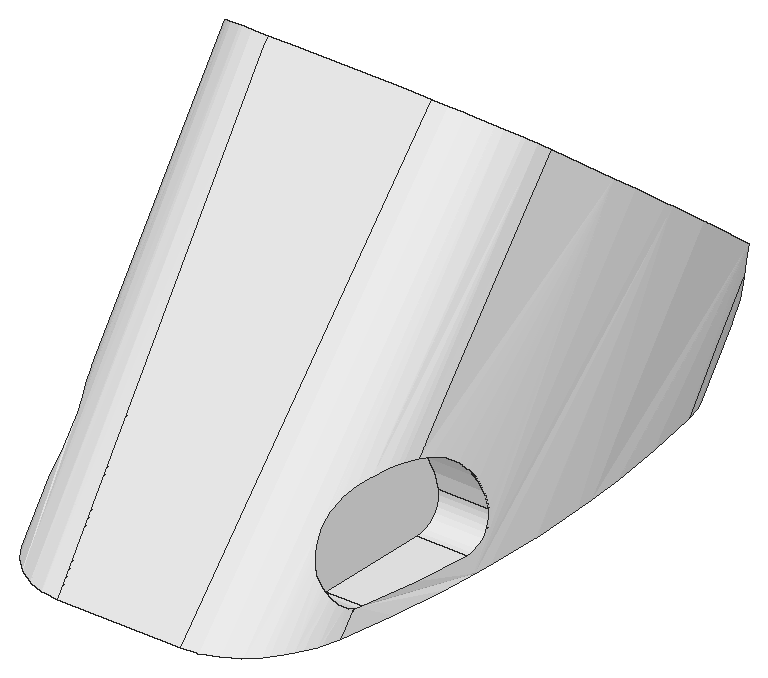
Revit family "Plumbing-Urinal-Sloan-Valve-SU-7409_", category Plumbing Fixtures, host Face, Revit 2020
Family settings
  Host = Face
  Round Connector Dimension = Use Diameter
  Part Type = Normal
  OmniClass Number = 23.45.05.21.11.21
  OmniClass Title = Urinals
  Cut with Voids When Loaded = No
  Shared = No
  Room Calculation Point = No
Parameters (values of type "SU-7409")
  Width = 12 5/8"  # constant formula
  Water Inlet Connection Diameter = 3/4"  # constant formula
  Water Inlet Connection Description = "Water Inlet Connection"  # constant formula
  Waste Connection = yes
  WFU = 5
  Vent Connection = yes
  Valve Pressure Drop = 0.00 psi
  URL = "www.sloanvalve.com"
  Sanitary Drain Connector Description = "Sanitary Drain Connection"  # constant formula
  Sanitary Drain Connection Diameter = 2"  # constant formula
  Product data url = "https://bimobject.com/sloan_valve/product/urinals_SU-7409"
  Product Material = Sloan Valve - Vitreous China - White
  Part Number = "1107409"
  Model = "SU-7409"
  Maximum Static Pressure = "80 PSI (552 kPa)\r"  # constant formula
  Manufacturer = "Sloan Valve"  # constant formula
  Keynote = "15410"
  Installation Height [instance] = if(ADA Compliant, 12 1/2", 19 1/2")  # 12 1/2"
  Height = 23 1/8"  # constant formula
  HWFU = 0
  HW Connection = yes
  Flush Rate = "0.125 – 1.0 gpf (0.5 – 3.8 Lpf) - Flush volume determined by the flushometer used with the fixture"  # constant formula
  Flow Rate = "8.5 gpm (32.2 Lpm)"  # constant formula
  Edition number = 1
  Description = "Vitreous China Washdown Urinal."
  Depth = 14 3/4"  # constant formula
  Default Elevation = 0"
  CWFU = 5
  CW Connection = yes
  Assembly Code = "D2010"
  ADA Compliant [instance] = yes
Types (3): name | Part Number | Model | Description
  (no name) | "1107409" | "SU-7409" | "Vitreous China Washdown Urinal."
  SU-7409 | "1107409" | "SU-7409" | "Vitreous China Washdown Urinal."
  SU-7409-STG | "1177409" | "SU-7409-STG" | "Vitreous China Washdown Urinal with SloanTec® Glaze."
Reference planes (in)
  plane 1 "Center (Front/Back)": y = 0
  plane 2: z = 0
  plane 3 "Center (Left/Right)": x = 0
  plane 4: y = 12.5
Dimensions and locks (in)
  "Installation Height": plane 4 to plane 1 "Center (Front/Back)"
  aligned and locked: plane 2 to host face
  aligned and locked: level to host face
  aligned and locked: nested 1 to plane 4
  aligned and locked: plane 3 "Center (Left/Right)" to nested 1
Automatic sketch dimensions
  host sketch curve to host sketch curve = 96"  (x2)
Nested families (in)
  nested 1: "Geometry" at (0, 17, 0), Product Material <- "Product Material", type "Default"
    with Product Material Sloan Valve - Vitreous China - White
Connectors (in)
  piping at (0, 12.5, 0), diameter 2, driven by "Sanitary Drain Connection Diameter", driven by "WFU", driven by "Sanitary Drain Connector Description"
    settings: on nested 1, index 1, connector inside diameter 24", connector length 0", flow factor 0, pipe flow 0 GPM, pressure drop 0.00 psi, fitting loss kfactor 0, connector angle 0.00°, fixture units 5, engagement length 0", angle of deflection 0.00°, flow configuration 3, flow direction 2, fitting loss method 0, system type 16, joint type 0, gender type 0, connector reference index -1, connector utility 0, adjustable connector no, is connector primary yes, connector description "Sanitary Drain Connection"
  piping at (0, 29.625, 2.39207), diameter 0.75, driven by "Water Inlet Connection Diameter", driven by "CWFU", driven by "Water Inlet Connection Description"
    settings: on nested 1, index 2, connector inside diameter 24", connector length 0", flow factor 0, pipe flow 0 GPM, pressure drop 0.00 psi, fitting loss kfactor 0, connector angle 0.00°, fixture units 5, engagement length 0", angle of deflection 0.00°, flow configuration 3, flow direction 1, fitting loss method 0, system type 20, joint type 0, gender type 0, connector reference index -1, connector utility 0, adjustable connector no, is connector primary no, connector description "Water Inlet Connection"
Definition of nested family "Geometry"
  Parameters (values of type "Default")
    Waste Connection = yes
    WFU = 5
    Vent Connection = no
    URL = "www.sloan.com"
    Type Comments = ""
    Product Material [instance] = none
    Model = ""
    Manufacturer = ""
    HWFU = 0
    HW Connection = no
    Description = ""
    Default Elevation = 24"
    CWFU = 5
    CW Connection = no
    Assembly Code = ""
  Reference planes (in)
    plane 1 "Center (Front/Back)": y = 0
    plane 2: z = 0
    plane 3 "Center (Left/Right)": x = 0
    plane 4: z = 14.1875
    plane 5: y = -24
    plane 6: y = -11
    plane 7: y = 12.125
    plane 8: x = -6.4322
    plane 9: x = 6.4322
    plane 10: y = -4.5
  Forms (in)
    Extrusion 1, solid
      sketch origin (0, 0, 0) x (1, 0, 0) y (0, 1, 0)
        loop
          line (-48, 48) -> (-48, -48) -> (48, -48) -> (48, 48) -> (-48, 48)
      from 0 to -12
    Blend 2, solid, material <- "Product Material"
      base sketch origin (0, -9.79691, 1.55504) x (1, 0, 0) y (0, 0.79021, -0.612836)
        loop
          arc (3.13194, 0) -> (5.09327, 0.72994) -> (6.10017, 2.56455) r 3
          arc (6.10017, 2.56455) -> (6.39728, 9.36938) -> (5.30925, 16.09323) r 33.43676
          arc (5.30925, 16.09323) -> (4.14817, 17.82905) -> (2.17054, 18.5) r 3.25
          line (2.17054, 18.5) -> (-2.17054, 18.5)
          arc (-2.17054, 18.5) -> (-4.14817, 17.82905) -> (-5.30925, 16.09323) r 3.25
          arc (-5.30925, 16.09323) -> (-6.39728, 9.36938) -> (-6.10017, 2.56455) r 33.43676
          arc (-6.10017, 2.56455) -> (-5.09327, 0.72994) -> (-3.13194, 0) r 3
          line (-3.13194, 0) -> (3.13194, 0)
      top sketch origin (0, -9.79691, 1.55504) x (1, 0, 0) y (0, 0.79021, -0.612836)
        loop
          arc (-2.91778, 18.5) -> (-4.82534, 17.81543) -> (-5.86233, 16.07415) r 3
          arc (-5.86233, 16.07415) -> (-6.4424, 9.36962) -> (-5.59521, 2.69359) r 31.7236
          arc (-5.59521, 2.69359) -> (-4.3605, 0.75478) -> (-2.18937, 0) r 3.5
          line (-2.18937, 0) -> (2.18937, 0)
          arc (2.18937, 0) -> (4.3605, 0.75478) -> (5.59521, 2.69359) r 3.5
          arc (5.59521, 2.69359) -> (6.4424, 9.36962) -> (5.86233, 16.07415) r 31.7236
          arc (5.86233, 16.07415) -> (4.82534, 17.81543) -> (2.91778, 18.5) r 3
          line (2.91778, 18.5) -> (-2.91778, 18.5)
      from 15.9862 to -5.82227
    Extrusion 3, void
      sketch origin (0, 0, 0) x (0, -1, 0) y (0, 0, 1)
        loop
          line (14.25, 0) -> (-16.5, 0) -> (-16.5, -15.74117) -> (14.25, -15.74117) -> (14.25, 0)
      from 10.72725 to -7.54923
    Extrusion 4, void
      sketch origin (0, 0, 0) x (1, 0, 0) y (0, 1, 0)
        loop
          line (-6.4322, 12.125) -> (6.4322, 12.125) -> (6.4322, 15.57047) -> (-6.4322, 15.57047) -> (-6.4322, 12.125)
      from 17.67921 to -0.03125
    Extrusion 5, void
      sketch origin (0, 0, 0) x (1, 0, 0) y (0, 1, 0)
        loop
          arc (2.11494, 0) -> (3.60627, 0.49352) -> (4.50879, 1.77924) r 2.5
          arc (4.50879, 1.77924) -> (5.10338, 4.97775) -> (4.99437, 8.22924) r 15
          arc (4.99437, 8.22924) -> (4.15734, 9.76386) -> (2.51959, 10.375) r 2.5
          line (2.51959, 10.375) -> (-2.51959, 10.375)
          arc (-2.51959, 10.375) -> (-4.15734, 9.76386) -> (-4.99437, 8.22924) r 2.5
          arc (-4.99437, 8.22924) -> (-5.10338, 4.97775) -> (-4.50879, 1.77924) r 15
          arc (-4.50879, 1.77924) -> (-3.60627, 0.49352) -> (-2.11494, 0) r 2.5
          line (-2.11494, 0) -> (2.11494, 0)
      from 17.67921 to 3.16618
    Extrusion 6, void
      sketch origin (0, 0, 0) x (0, -1, 0) y (0, 0, 1)
        loop
          arc (7.84946, 2.37507) -> (4.40692, 4.70323) -> (1.32909, 1.91067) r 3.36432
          arc (1.32909, 1.91067) -> (1.55097, 1.09804) -> (2.31498, 0.74325) r 1
          line (2.31498, 0.74325) -> (6.6592, 0.74325)
          arc (6.6592, 0.74325) -> (7.6691, 1.25663) -> (7.84946, 2.37507) r 1.25
      from -4.41403 to -6.7949
    Extrusion 7, void
      sketch origin (0, 0, 0) x (0, -1, 0) y (0, 0, -1)
        loop
          arc (7.84946, -2.37507) -> (7.6691, -1.25663) -> (6.6592, -0.74325) r 1.25
          line (6.6592, -0.74325) -> (2.31498, -0.74325)
          arc (2.31498, -0.74325) -> (1.55097, -1.09804) -> (1.32909, -1.91067) r 1
          arc (1.32909, -1.91067) -> (4.40692, -4.70323) -> (7.84946, -2.37507) r 3.36432
      from -4.41403 to -6.7949
    Revolve 8, solid, material <- "Product Material"
      sketch origin (0, 0.23977, 1.6121) x (0, 1, 0) y (0, 0, 1)
        loop
          arc (0, 6) -> (-0.05589, 6.74551) -> (-0.22232, 7.47436) r 5
          arc (-0.22232, 7.47436) -> (-0.28228, 7.54744) -> (-0.37627, 7.55764) r 0.125
          line (-0.37627, 7.55764) -> (-0.78261, 6) -> (0, 6)
        axis (0, 6) -> (-0.78261, 6)
      angle from 0 to 360
    Revolve 9, solid, material <- "Product Material"
      sketch origin (0, 0, 0) x (0, 1, 0) y (0, 0, 1)
        loop
          line (-4.5, 1.24332) -> (-4.5, 0) -> (-3.25, 0) -> (-3.25, 1.24332) -> (-4.5, 1.24332)
        axis (-4.5, 0) -> (-4.5, 1.24332)
      angle from 0 to 360
    Revolve 10, solid
      sketch origin (0, 12.125, -8.23559) x (0, 0, 1) y (0, -1, 0)
        loop
          line (9.62766, 0) -> (9.62766, -0.5) -> (9.98516, -0.5) -> (9.98516, -0.75) -> (10.10399, -0.75) -> (10.10399, -1.06723) -> (10.62766, -1.06723) -> (10.62766, 0) -> (9.62766, 0)
        axis (10.62766, -1.06723) -> (10.62766, 0)
      angle from 0 to 360
  Cuts and joins
    Extrusion 3, Extrusion 4, Extrusion 5, Extrusion 6, Extrusion 7 cuts Blend 2
  Lines and regions (in)
    Masking region 1
      outline origin (0, 0, 0) x (1, 0, 0) y (0, 0, 1)
        loop
          line (6.41907, 0) -> (6.41907, 11.56922)
          arc (6.41907, 11.56922) -> (5.65219, 13.42062) -> (3.80079, 14.1875) r 2.61828
          line (3.80079, 14.1875) -> (-3.80079, 14.1875)
          arc (-3.80079, 14.1875) -> (-5.65219, 13.42062) -> (-6.41907, 11.56922) r 2.61828
          line (-6.41907, 11.56922) -> (-6.41907, 0) -> (6.41907, 0)
    symbolic lines, detail levels medium+fine
      curve 1: spline (4.99415, 0, 7.80529) -> (5.06162, 0, 8.22289) -> (5.10948, 0, 8.64152) -> (5.1377, 0, 9.06081) -> (5.14625, 0, 9.48042) -> (5.13512, 0, 9.90001) -> (5.10432, 0, 10.31924) -> (5.05388, 0, 10.73774) -> (4.98384, 0, 11.15519) -> (4.89425, 0, 11.57123) -> (4.78519, 0, 11.98552) -> (4.65676, 0, 12.39772) -> (4.50905, 0, 12.80749)
      curve 2: line (4.50905, 0, 12.80749) -> (2.11494, 0, 14.1875)
      curve 3: line (2.51959, 0, 6.14132) -> (4.99415, 0, 7.80529)
      curve 4: line (-2.51959, 0, 6.14132) -> (2.51959, 0, 6.14132)
      curve 5: line (-4.99415, 0, 7.80529) -> (-2.51959, 0, 6.14132)
      curve 6: spline (-4.50905, 0, 12.80749) -> (-4.65676, 0, 12.39772) -> (-4.78519, 0, 11.98552) -> (-4.89425, 0, 11.57123) -> (-4.98384, 0, 11.15519) -> (-5.05388, 0, 10.73774) -> (-5.10432, 0, 10.31924) -> (-5.13512, 0, 9.90001) -> (-5.14625, 0, 9.48042) -> (-5.1377, 0, 9.06081) -> (-5.10948, 0, 8.64152) -> (-5.06162, 0, 8.22289) -> (-4.99415, 0, 7.80529)
      curve 7: line (-2.11494, 0, 14.1875) -> (-4.50905, 0, 12.80749)
      curve 8: line (6.41907, 0, 4.78414) -> (-6.41907, 0, 4.78414)
    symbolic lines, detail levels fine
      curve 9: circle (0, 0, 2.39207) r 1 normal (0, 1, 0)
      curve 10: circle (0, 0, 2.39207) r 0.52367 normal (0, 1, 0)
  Dimensions and locks (in)
    plane 5 to plane 1 "Center (Front/Back)" = 24"
    plane 6 to plane 7 = 23 1/8"
    plane 1 "Center (Front/Back)" to plane 7 = 12 1/8"
    plane 4 to plane 2 = 14 3/16"
    plane 10 to plane 1 "Center (Front/Back)" = 4 1/2"
    aligned and locked: plane 2 to Extrusion 1
    aligned and locked: level to Extrusion 1
